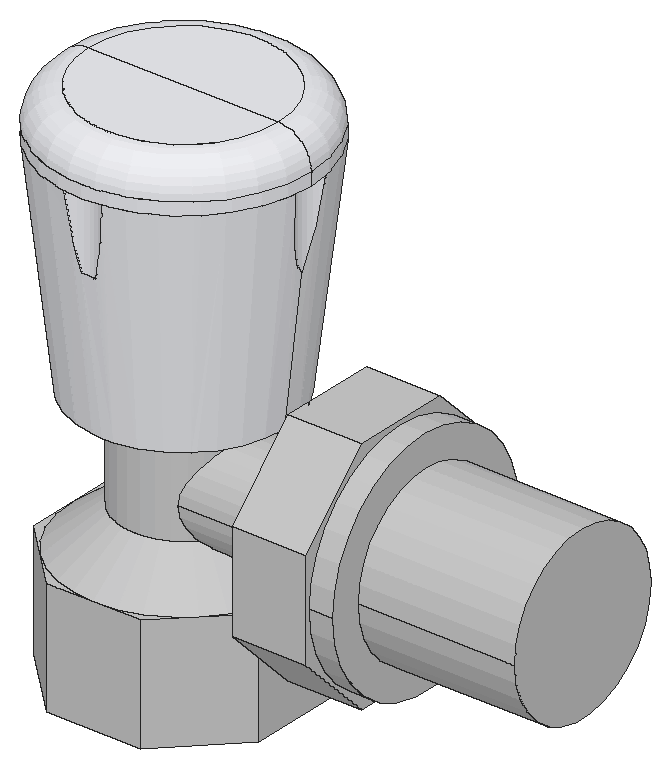
Revit family "PA_Арматура трубопроводов [клапан регулирующий угловой угловой, VT.017.N]1 - VALTEC", category Арматура трубопроводов, Revit 2018
Family settings
  Размер круглого соединителя = Использовать диаметр
  Тип детали = Вставляется
  На основе рабочей плоскости = Нет
  Всегда вертикально = Да
  При загрузке вырезать с полостями = Нет
  Общий = Нет
Parameters (values of type "VT.017.N")
  Таблица 2 = "PA_Арматура трубопроводов [клапан регулирующий угловой угловой, VT.017.N] - VALTEC - Таблица 2"  # constant formula
  Таблица 1 = "PA_Арматура трубопроводов [клапан регулирующий угловой угловой, VT.017.N] - VALTEC - Таблица 1"  # constant formula
  Материал доп.1 = Пластик белый - VALTEC
  Изготовитель = "VALTEC"  # constant formula
  d8 [instance] = size_lookup(Таблица 1, "d8", 0 mm, d)  # 16.8 mm
  d7 [instance] = size_lookup(Таблица 1, "d7", 0 mm, d)  # 15 mm
  d6 [instance] = size_lookup(Таблица 1, "d6", 0 mm, d)  # 27.3 mm
  b4 [instance] = size_lookup(Таблица 1, "b4", 0 mm, d)  # 1.5 mm
  b3 [instance] = size_lookup(Таблица 1, "b3", 0 mm, d)  # 10.8 mm
  a6 [instance] = size_lookup(Таблица 1, "a6", 0 mm, d)  # 13.5 mm
  a5 [instance] = size_lookup(Таблица 1, "a5", 0 mm, d)  # 5.5 mm
  a4 [instance] = size_lookup(Таблица 1, "a4", 0 mm, d)  # 3 mm
  b2 [instance] = size_lookup(Таблица 1, "b2", 0 mm, d)  # 4.8 mm
  d5 [instance] = size_lookup(Таблица 1, "d5", 0 mm, d)  # 20.6 mm
  d4 [instance] = size_lookup(Таблица 1, "d4", 0 mm, d)  # 28 mm
  d3 [instance] = size_lookup(Таблица 1, "d3", 0 mm, d)  # 28.8 mm
  d2 [instance] = size_lookup(Таблица 1, "d2", 0 mm, d)  # 21.6 mm
  d1 [instance] = size_lookup(Таблица 1, "d1", 0 mm, d)  # 12.4 mm
  d [instance] = 15 mm
  b1 [instance] = size_lookup(Таблица 1, "b1", 0 mm, d)  # 13.9 mm
  a3 [instance] = size_lookup(Таблица 1, "a3", 0 mm, d)  # 8.9 mm
  a2 [instance] = size_lookup(Таблица 1, "a2", 0 mm, d)  # 2.4 mm
  a1 [instance] = size_lookup(Таблица 1, "a1", 0 mm, d)  # 15 mm
  URL = "https://valtec.ru/"
  ADSK_Расход жидкости [instance] = 0.0 L/s
  ADSK_Примечание [instance] = ""
  ADSK_Потеря давления жидкости [instance] = 0.0 Pa
  ADSK_Позиция [instance] = ""
  ADSK_Обозначение [instance] = "VT.017.N"  # constant formula
  ADSK_Наименование [instance] = size_lookup(Таблица 1, "", "Данный типоразмер отсутствует", d)  # "Клапан регулирующий угловой угловой, 1/2\""
  ADSK_Материал = Сталь, нержавеющая - VALTEC
  ADSK_Масса [instance] = if(d = 15 mm, 0.198, 0)  # 0.198
  ADSK_Марка [instance] = size_lookup(Таблица 2, "", "Данный типоразмер отсутствует", d)  # "VT.017.N.04"
  ADSK_Код изделия [instance] = size_lookup(Таблица 2, "", "Данный типоразмер отсутствует", d)  # "VT.017.N.04"
  ADSK_Завод-изготовитель [instance] = Изготовитель  # "VALTEC"
  ADSK_Единица измерения [instance] = "шт."  # constant formula
  ADSK_URL страницы изделия = "https://valtec.ru/catalog/radiatornaya_armatura/ruchnye_klapany_dlya_radiatorov/klapan_reguliruyushij_uglovoj_vt017n.html"
  ADSK_URL документации изделия = "https://valtec.ru/document/technical/VT.017-018-0117.pdf"
Reference planes
  plane 1 "По центру (Вперед/Назад)": y = 0
  plane 2: z = 0
  plane 3 "По центру (Влево/Вправо)": x = 0
  plane 4: x = 15
  plane 5: z = 41.5
  plane 6: z = -22.5
  plane 7: z = -8.6
  plane 8: z = -3.8
  plane 9: z = 7
  plane 10: z = 8.5
  plane 11: x = 17.4
  plane 12: x = 26.3
  plane 13: x = 29.3
  plane 14: x = 34.8
  plane 15: x = 48.3
  plane 16: y = 41.5
Forms (mm)
  Blend 1, solid, material "Сталь, нержавеющая - VALTEC" <- "ADSK_Материал", detail levels medium+fine
    base sketch origin (0, 0, 0) x (1, 0, 0) y (0, 1, 0)
      loop
        circle (0, 0) r 13.65
    top sketch origin (0, 0, 0) x (1, 0, 0) y (0, 1, 0)
      loop
        circle (0, 0) r 7.5
    from -8.6 to -3.8
  Extrusion 2, solid, material "Сталь, нержавеющая - VALTEC" <- "ADSK_Материал", detail levels medium+fine
    sketch origin (0, 0, 0) x (1, 0, 0) y (0, 1, 0)
      loop
        circle (0, 0) r 7.5
    from -3.8 to 7
  Blend 3, solid, material "Сталь, нержавеющая - VALTEC" <- "ADSK_Материал", detail levels medium+fine
    base sketch origin (0, 0, 0) x (1, 0, 0) y (0, 1, 0)
      loop
        circle (0, 0) r 7.5
    top sketch origin (0, 0, 0) x (1, 0, 0) y (0, 1, 0)
      loop
        circle (0, 0) r 8.4
    from 7 to 8.5
  Extrusion 4, solid, material "Сталь, нержавеющая - VALTEC" <- "ADSK_Материал", detail levels medium+fine
    sketch origin (0, 0, 0) x (0, 1, 0) y (0, 0, 1)
      loop
        circle (0, 0) r 6.2
    from 0 to 15
  Blend 5, solid, material "Сталь, нержавеющая - VALTEC" <- "ADSK_Материал", detail levels medium+fine
    base sketch origin (0, 0, 0) x (0, 1, 0) y (0, 0, 1)
      loop
        circle (0, 0) r 6.2
    top sketch origin (0, 0, 0) x (0, 1, 0) y (0, 0, 1)
      loop
        circle (0, 0) r 10.8
    from 15 to 17.4
  Extrusion 6, solid, material "Сталь, нержавеющая - VALTEC" <- "ADSK_Материал", detail levels medium+fine
    sketch origin (0, 0, 0) x (0, 1, 0) y (0, 0, 1)
      loop
        circle (0, 0) r 14
    from 26.3 to 29.3
  Extrusion 7, solid, material "Сталь, нержавеющая - VALTEC" <- "ADSK_Материал", detail levels medium+fine
    sketch origin (0, 0, 0) x (0, 1, 0) y (0, 0, 1)
      loop
        circle (0, 0) r 10.3
    from 29.3 to 48.3
Cuts and joins
  joined: Blend 1, Extrusion 2, Blend 3, Extrusion 4, Blend 5, Extrusion 6, Extrusion 7
Lines and regions (mm)
  reference lines
    curve 1: line (0, 0, -22.5) -> (0, 0, 0)
    curve 2: line (0, 0, 0) -> (34.8, 0, 0)
  model lines, detail levels coarse
    curve 3: line (-15, 0, -22.5) -> (15, 0, -22.5)
    curve 4: line (15, 0, -22.5) -> (0, 0, 0)
    curve 5: line (-15, 0, -22.5) -> (0, 0, 0)
    curve 6: line (22.5, 0, -15) -> (22.5, 0, 15)
    curve 7: line (22.5, 0, 15) -> (0, 0, 0)
    curve 8: line (22.5, 0, -15) -> (0, 0, 0)
    curve 9: line (34.8, 0, 0) -> (22.5, 0, 0)
    curve 10: line (0, 0, 41.5) -> (0, 0, 0)
    curve 11: line (0, 0, 0) -> (-10, 0, 17.321)
    curve 12: line (0, 0, 0) -> (10, 0, 17.321)
  symbolic lines, detail levels coarse
    curve 13: line (-15, -22.5, 0) -> (15, -22.5, 0)
    curve 14: line (15, -22.5, 0) -> (0, 0, 0)
    curve 15: line (-15, -22.5, 0) -> (0, 0, 0)
    curve 16: line (22.5, -15, 0) -> (22.5, 15, 0)
    curve 17: line (22.5, 15, 0) -> (0, 0, 0)
    curve 18: line (22.5, -15, 0) -> (0, 0, 0)
    curve 19: line (0, 41.5, 0) -> (0, 0, 0)
    curve 20: line (0, 0, 0) -> (-12.962, 22.451, 0)
    curve 21: line (0, 0, 0) -> (10, 17.321, 0)
Dimensions and locks
  locked: plane 2 to plane 6 at 22.5
  locked: plane 5 to plane 6 at 64
  "b1": plane 7 to plane 6
  "b2": plane 8 to plane 7
  "b3": plane 9 to plane 8
  "b4": plane 10 to plane 9
  "a1": plane 4 to plane 3 "По центру (Влево/Вправо)"
  "a2": plane 11 to plane 4
  "a3": plane 12 to plane 11
  "a4": plane 13 to plane 12
  "a5": plane 14 to plane 13
  "a6": plane 15 to plane 14
  curve 4 to plane 3 "По центру (Влево/Вправо)" to curve 5 = 15 mm locked, 15 mm locked
  locked: curve 6 to plane 3 "По центру (Влево/Вправо)" at 22.5
  curve 7 to level to curve 8 = 15 mm locked, 15 mm locked
  locked: curve 13 to plane 1 "По центру (Вперед/Назад)" at 22.5
  locked: plane 3 "По центру (Влево/Вправо)" to curve 16 at 22.5
  curve 15 to plane 3 "По центру (Влево/Вправо)" to curve 14 = 15 mm locked, 15 mm locked
  curve 18 to plane 1 "По центру (Вперед/Назад)" to curve 16 = 15 mm locked, 15 mm locked
  locked: plane 1 "По центру (Вперед/Назад)" to plane 16 at 41.5
  "d6": diameter of Blend 1 sketch curve
  "d7": diameter of Blend 1 sketch curve
  "d7": diameter of Extrusion 2 sketch curve
  "d7": diameter of Blend 3 sketch curve
  "d8": diameter of Blend 3 sketch curve
  "d1": diameter of Extrusion 4 sketch curve
  "d1": diameter of Blend 5 sketch curve
  "d2": diameter of Blend 5 sketch curve
  "d4": diameter of Extrusion 6 sketch curve
  "d5": diameter of Extrusion 7 sketch curve
  locked: curve 19 to curve 20 (angle 30.00°)
  locked: curve 21 to curve 19 (angle 30.00°)
  locked: curve 12 to plane 3 "По центру (Влево/Вправо)" (angle 30.00°)
  locked: plane 3 "По центру (Влево/Вправо)" to curve 11 (angle 30.00°)
  aligned and locked: level to plane 2
  aligned and locked: nested 1 to plane 3 "По центру (Влево/Вправо)"
  aligned and locked: plane 1 "По центру (Вперед/Назад)" to nested 1
  aligned and locked: plane 1 "По центру (Вперед/Назад)" to Blend 1 sketch curve  (x2)
  aligned and locked: plane 3 "По центру (Влево/Вправо)" to Blend 1 sketch curve  (x2)
  aligned and locked: plane 1 "По центру (Вперед/Назад)" to Extrusion 2 sketch curve
  aligned and locked: plane 3 "По центру (Влево/Вправо)" to Extrusion 2 sketch curve
  aligned and locked: plane 1 "По центру (Вперед/Назад)" to Blend 3 sketch curve  (x2)
  aligned and locked: plane 3 "По центру (Влево/Вправо)" to Blend 3 sketch curve  (x2)
  aligned and locked: nested 1 to plane 6
  aligned and locked: Blend 1 to plane 7
  aligned and locked: plane 8 to Blend 1
  aligned and locked: Extrusion 2 to plane 8
  aligned and locked: plane 9 to Extrusion 2
  aligned and locked: Blend 3 to plane 9
  aligned and locked: plane 10 to Blend 3
  aligned and locked: plane 1 "По центру (Вперед/Назад)" to Extrusion 4 sketch curve
  aligned and locked: level to Extrusion 4 sketch curve
  aligned and locked: level to Blend 5 sketch curve  (x2)
  aligned and locked: plane 1 "По центру (Вперед/Назад)" to Blend 5 sketch curve  (x2)
  aligned and locked: level to Extrusion 6 sketch curve
  aligned and locked: plane 1 "По центру (Вперед/Назад)" to Extrusion 6 sketch curve
  aligned and locked: level to Extrusion 7 sketch curve
  aligned and locked: plane 1 "По центру (Вперед/Назад)" to Extrusion 7 sketch curve
  aligned and locked: plane 15 to Extrusion 7
  aligned and locked: Extrusion 4 to plane 3 "По центру (Влево/Вправо)"
  aligned and locked: plane 4 to Extrusion 4
  aligned and locked: Blend 5 to plane 4
  aligned and locked: plane 11 to Blend 5
  aligned and locked: Extrusion 7 to plane 13
  aligned and locked: Extrusion 6 to plane 12
  aligned and locked: plane 13 to Extrusion 6
  aligned and locked: nested 2 to plane 1 "По центру (Вперед/Назад)"
  aligned and locked: level to nested 2
  aligned and locked: nested 2 to plane 11
  aligned and locked: nested 3 to plane 1 "По центру (Вперед/Назад)"
  aligned and locked: plane 3 "По центру (Влево/Вправо)" to nested 3
  aligned and locked: plane 10 to nested 3
  aligned and locked: plane 3 "По центру (Влево/Вправо)" to curve 2
  aligned and locked: plane 14 to curve 2
  aligned and locked: level to curve 1
  aligned and locked: plane 6 to curve 1
  aligned and locked: plane 3 "По центру (Влево/Вправо)" to curve 1
  aligned and locked: curve 3 to plane 6
  aligned and locked: curve 9 to level
  aligned and locked: curve 6 to curve 9
  aligned and locked: plane 14 to curve 9
  aligned and locked: level to curve 10
  aligned and locked: plane 5 to curve 10
  aligned and locked: curve 10 to plane 3 "По центру (Влево/Вправо)"
  aligned and locked: plane 16 to curve 19
  aligned and locked: plane 1 "По центру (Вперед/Назад)" to curve 19
  aligned and locked: curve 19 to plane 3 "По центру (Влево/Вправо)"
Nested families
  nested 1: "Гайка - вертикаль" at (0, 0, -22.5) x (0.9239, -0.3827, 0) z (0, 0, 1), d <- "d6", h <- "b1", ADSK_Материал <- "ADSK_Материал", type "Гайка - вертикаль", detail levels medium+fine
    with h 13.9 mm, d 27.3 mm, ADSK_Материал Сталь, нержавеющая - VALTEC
  nested 2: "Гайка - горизонталь" at (21.85, 0, 0) x (1, 0, 0) z (0, 0.9239, 0.3827), d <- "d3", l <- "a3", ADSK_Материал <- "ADSK_Материал", type "Гайка - горизонталь", detail levels medium+fine
    with l 8.9 mm, d 28.8 mm, ADSK_Материал Сталь, нержавеющая - VALTEC
  nested 3: "MM_Обобщенные модели [колпачок, VT.017.N) - VALTEC" at (0, 0, 8.5), type "VT.017.N", detail levels medium+fine
Connectors
  piping at (34.8, 0, 0), diameter 15, driven by "d", driven by "ADSK_Расход жидкости", driven by "ADSK_Потеря давления жидкости"
    settings: on curve 2, index 1, connector inside diameter 609.6 mm, connector length 0 mm, flow factor 0, pipe flow 0.0 L/s, pressure drop 0.0 Pa, fitting loss kfactor 0, connector angle 0.00°, fixture units 0, engagement length 0 mm, angle of deflection 0.00°, flow configuration 0, flow direction 0, fitting loss method 4, system type 29, joint type 0, gender type 0, connector reference index 2, connector utility 0, adjustable connector no, is connector primary yes, connector description ""
  piping at (0, 0, -22.5), diameter 15, driven by "d", driven by "ADSK_Расход жидкости"
    settings: on curve 1, index 2, connector inside diameter 609.6 mm, connector length 0 mm, flow factor 0, pipe flow 0.0 L/s, pressure drop 0.0 Pa, fitting loss kfactor 0, connector angle 0.00°, fixture units 0, engagement length 0 mm, angle of deflection 0.00°, flow configuration 0, flow direction 0, fitting loss method 0, system type 29, joint type 0, gender type 0, connector reference index 1, connector utility 0, adjustable connector no, is connector primary no, connector description ""
Definition of nested family "Гайка - вертикаль"
  Parameters (values of type "Гайка - вертикаль")
    h [instance] = 7.5 mm
    d [instance] = 11.918 mm
    ADSK_Материал [instance] = none
  Reference planes
    plane 1 "По центру (Вперед/Назад)": y = 0
    plane 2: z = 0
    plane 3 "По центру (Влево/Вправо)": x = 0
    plane 4: x = -6.45
    plane 5: x = 6.45
    plane 6: through (737.894, 1797.006, 1200) normal (0.9239, -0.3827, 0)
    plane 7: through (765.367, 1847.759, 1200) normal (0.9239, -0.3827, 0)
    plane 8: through (792.839, 1898.512, 1200) normal (0.9239, -0.3827, 0)
    plane 9: through (-737.894, 1797.006, 1200) normal (0.9239, 0.3827, 0)
    plane 10: through (-765.367, 1847.759, 1200) normal (0.9239, 0.3827, 0)
    plane 11: through (-792.839, 1898.512, 1200) normal (0.9239, 0.3827, 0)
    plane 12: through (1845.479, 770.872, 1200) normal (0.3827, -0.9239, 0)
    plane 13: through (1847.759, 765.367, 1200) normal (0.3827, -0.9239, 0)
    plane 14: through (1850.039, 759.861, 1200) normal (0.3827, -0.9239, 0)
    plane 15: through (-1845.479, 770.872, 1200) normal (0.3827, 0.9239, 0)
    plane 16: through (-1847.759, 765.367, 1200) normal (0.3827, 0.9239, 0)
    plane 17: through (-1850.039, 759.861, 1200) normal (0.3827, 0.9239, 0)
    plane 18: z = 7.5
  Forms (mm)
    Extrusion 1, solid, material <- "ADSK_Материал"
      sketch origin (0, 0, 0) x (1, 0, 0) y (0, 1, 0)
        loop
          line (0, 6.45) -> (-4.561, 4.561) -> (-6.45, 0) -> (-4.561, -4.561) -> (0, -6.45) -> (4.561, -4.561) -> (6.45, 0) -> (4.561, 4.561) -> (0, 6.45)
      from 0 to 7.5
  Lines and regions (mm)
    reference lines
      curve 1: line (-5.505, -2.28, 0) -> (5.505, 2.28, 0)
      curve 2: line (-2.28, 5.505, 0) -> (2.28, -5.505, 0)
  Dimensions and locks
    equal spacing: plane 4, plane 3 "По центру (Влево/Вправо)", plane 5
    locked: plane 4 to plane 5 at 12.9
    equal spacing: plane 6, plane 7, plane 8
    "d": plane 6 to plane 8
    equal spacing: plane 9, plane 10, plane 11
    "d": plane 9 to plane 11
    equal spacing: plane 12, plane 13, plane 14
    "d": plane 12 to plane 14
    equal spacing: plane 15, plane 16, plane 17
    "d": plane 15 to plane 17
    "h": plane 18 to plane 2
    aligned and locked: level to plane 2
    aligned and locked: plane 12 to Extrusion 1 sketch curve
    aligned and locked: plane 15 to Extrusion 1 sketch curve
    aligned and locked: plane 9 to Extrusion 1 sketch curve
    aligned and locked: Extrusion 1 sketch curve to plane 8
    aligned and locked: Extrusion 1 sketch curve to plane 14
    aligned and locked: Extrusion 1 sketch curve to plane 17
    aligned and locked: Extrusion 1 sketch curve to plane 11
    aligned and locked: plane 6 to Extrusion 1 sketch curve
    aligned and locked: plane 18 to Extrusion 1
    aligned and locked: plane 12 to curve 2
    aligned and locked: plane 14 to curve 2
    aligned and locked: plane 9 to curve 1
    aligned and locked: plane 11 to curve 1
    aligned and locked: curve 1 to plane 13
    aligned and locked: curve 2 to plane 10
Definition of nested family "Гайка - горизонталь"
  Parameters (values of type "Гайка - горизонталь")
    d [instance] = 588.881 mm
    l [instance] = 637.4 mm
    ADSK_Материал [instance] = none
  Reference planes
    plane 1 "По центру (Вперед/Назад)": y = 0
    plane 2: z = 0
    plane 3 "По центру (Влево/Вправо)": x = 0
    plane 4: y = 318.7
    plane 5: y = -318.7
    plane 6: through (0, -912.519, 2972.425) normal (0, -0.9239, -0.3827)
    plane 7: through (0, -1234.338, 2979.956) normal (0, -0.9239, -0.3827)
    plane 8: through (0, -1556.157, 2987.486) normal (0, -0.9239, -0.3827)
    plane 9: through (0, 1234.338, 2979.956) normal (0, -0.9239, 0.3827)
    plane 10: through (0, -2420.114, 1321.144) normal (0, -0.3827, -0.9239)
    plane 11: through (0, -2532.792, 1049.117) normal (0, -0.3827, -0.9239)
    plane 12: through (0, -2645.469, 777.089) normal (0, -0.3827, -0.9239)
    plane 13: through (0, 2420.114, 1321.144) normal (0, -0.3827, 0.9239)
    plane 14: through (0, 2532.792, 1049.117) normal (0, -0.3827, 0.9239)
    plane 15: through (0, 2645.469, 777.089) normal (0, -0.3827, 0.9239)
    plane 16: through (0, 912.519, 2972.425) normal (0, -0.9239, 0.3827)
    plane 17: through (0, 1234.338, 2979.956) normal (0, -0.9239, 0.3827)
    plane 18: through (0, 1556.157, 2987.486) normal (0, -0.9239, 0.3827)
    plane 19: x = 318.7
    plane 20: x = -318.7
  Forms (mm)
    Extrusion 1, solid, material <- "ADSK_Материал"
      sketch origin (0, 0, 0) x (0, 1, 0) y (0, 0, 1)
        loop
          line (0, 318.7) -> (-225.355, 225.355) -> (-318.7, 0) -> (-225.355, -225.355) -> (0, -318.7) -> (225.355, -225.355) -> (318.7, 0) -> (225.355, 225.355) -> (0, 318.7)
      from -318.7 to 318.7
  Lines and regions (mm)
    reference lines
      curve 1: line (0, -112.677, -272.027) -> (0, 112.677, 272.027)
      curve 2: line (0, -272.027, 112.677) -> (0, 272.027, -112.677)
  Dimensions and locks
    equal spacing: plane 4, plane 1 "По центру (Вперед/Назад)", plane 5
    locked: plane 4 to plane 5 at 637.4
    equal spacing: plane 8, plane 7, plane 6
    "d": plane 8 to plane 6
    equal spacing: plane 12, plane 11, plane 10
    "d": plane 12 to plane 10
    equal spacing: plane 15, plane 14, plane 13
    "d": plane 15 to plane 13
    equal spacing: plane 18, plane 17, plane 16
    "d": plane 18 to plane 16
    equal spacing: plane 20, plane 3 "По центру (Влево/Вправо)", plane 19
    "l": plane 20 to plane 19
    aligned and locked: level to plane 2
    aligned and locked: plane 10 to Extrusion 1 sketch curve
    aligned and locked: plane 13 to Extrusion 1 sketch curve
    aligned and locked: plane 16 to Extrusion 1 sketch curve
    aligned and locked: Extrusion 1 sketch curve to plane 8
    aligned and locked: Extrusion 1 sketch curve to plane 12
    aligned and locked: Extrusion 1 sketch curve to plane 15
    aligned and locked: Extrusion 1 sketch curve to plane 18
    aligned and locked: plane 6 to Extrusion 1 sketch curve
    aligned and locked: plane 19 to Extrusion 1
    aligned and locked: plane 20 to Extrusion 1
    aligned and locked: Extrusion 1 to plane 19
    aligned and locked: plane 16 to curve 2
    aligned and locked: plane 18 to curve 2
    aligned and locked: curve 2 to plane 11
    aligned and locked: plane 12 to curve 1
    aligned and locked: plane 10 to curve 1
    aligned and locked: curve 1 to plane 17
Definition of nested family "MM_Обобщенные модели [колпачок, VT.017.N) - VALTEC"
  Parameters (values of type "VT.017.N")
    Manufacturer = ""
    URL = ""
    ADSK_Материал = none
  Reference planes
    plane 1 "По центру (Вперед/Назад)": y = 0
    plane 2: z = 0
    plane 3 "По центру (Влево/Вправо)": x = 0
    plane 4: z = 34.5
    plane 5: y = 5.5
    plane 6: y = -5.5
    plane 7: x = -24.5
    plane 8: z = 27.5
    plane 9: x = 18.75
    plane 10: x = 24.5
    plane 11: x = -18.75
  Forms (mm)
    Revolve 1, solid, material <- "ADSK_Материал"
      sketch origin (0, 0, 0) x (1, 0, 0) y (0, 0, 1)
        loop
          line (-15.5, 27.5) -> (-12.25, 0) -> (0, 0) -> (0, 33) -> (-11.5, 33)
          arc (-11.5, 33) -> (-14.328, 31.828) -> (-15.5, 29) r 4
          line (-15.5, 29) -> (-15.5, 27.5)
        axis (0, 33) -> (0, 0)
      angle from 0 to 360
    Extrusion 2, void
      sketch origin (0, 0, 0) x (1, 0, 0) y (0, 1, 0)
        loop
          line (-2.3, -15.328) -> (-2.3, -16.488) -> (2.3, -16.488) -> (2.3, -15.328)
          arc (2.3, -15.328) -> (0, -14.306) -> (-2.3, -15.328) r 3.098
      from 13.073 to 27.5
    Extrusion 3, void
      sketch origin (0, 0, 0) x (0, -1, 0) y (1, 0, 0)
        loop
          line (-2.3, -15.328) -> (-2.3, -16.488) -> (2.3, -16.488) -> (2.3, -15.328)
          arc (2.3, -15.328) -> (0, -14.306) -> (-2.3, -15.328) r 3.098
      from 13.073 to 27.5
    Extrusion 4, void
      sketch origin (0, 0, 0) x (-1, 0, 0) y (0, -1, 0)
        loop
          line (-2.3, -15.328) -> (-2.3, -16.488) -> (2.3, -16.488) -> (2.3, -15.328)
          arc (2.3, -15.328) -> (0, -14.306) -> (-2.3, -15.328) r 3.098
      from 13.073 to 27.5
    Extrusion 5, void
      sketch origin (0, 0, 0) x (0, 1, 0) y (-1, 0, 0)
        loop
          line (-2.3, -15.328) -> (-2.3, -16.488) -> (2.3, -16.488) -> (2.3, -15.328)
          arc (2.3, -15.328) -> (0, -14.306) -> (-2.3, -15.328) r 3.098
      from 13.073 to 27.5
  Cuts and joins
    Extrusion 2, Extrusion 3, Extrusion 4, Extrusion 5 cuts Revolve 1
  Lines and regions (mm)
    reference lines
      curve 1: line (0, 0, 0) -> (0, 0, 25)
      curve 2: line (0, -12.5, 0) -> (0, 12.5, 0)
      curve 3: line (12.5, 0, 0) -> (-12.5, 0, 0)
  Dimensions and locks
    plane 6 to plane 1 "По центру (Вперед/Назад)" to plane 5 = 5.5 mm locked, 5.5 mm locked
    locked: plane 3 "По центру (Влево/Вправо)" to plane 7 at 24.5
    locked: plane 9 to plane 3 "По центру (Влево/Вправо)" at 18.75
    plane 4 to plane 2 = 34.5 mm
    locked: plane 4 to plane 8 at 7
    locked: plane 3 "По центру (Влево/Вправо)" to plane 10 at 24.5
    locked: plane 11 to plane 3 "По центру (Влево/Вправо)" at 18.75
    aligned and locked: level to plane 2
    aligned and locked: Revolve 1 sketch curve to plane 3 "По центру (Влево/Вправо)"
    aligned and locked: plane 8 to cut or joined group of Revolve 1, Extrusion 2, Extrusion 3, Extrusion 4, Extrusion 5  (x2)
